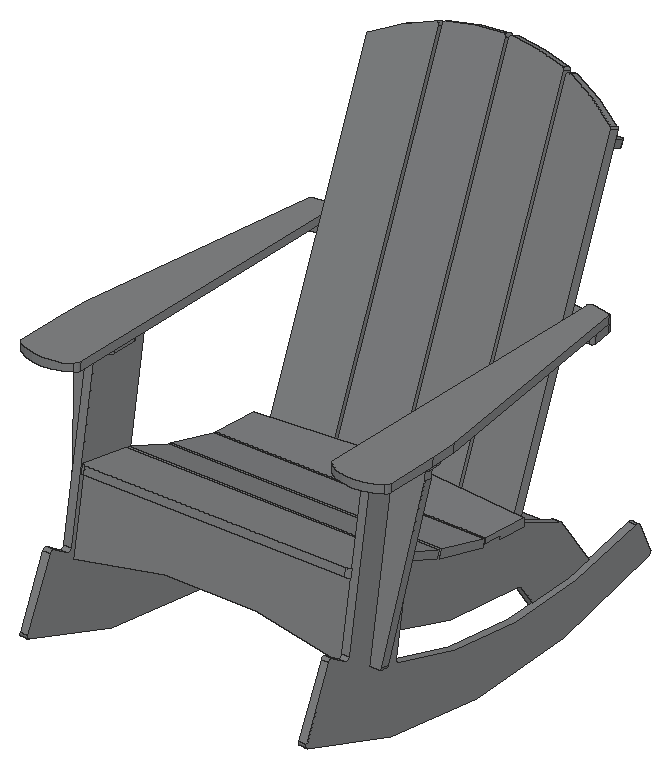
Revit family "Lollygagger Adirondack 4 Slat Curve Rocker", category Furniture, Revit 2016 (continued)
Automatic sketch dimensions
  Extrusion 16 sketch curve to Extrusion 16 sketch curve = 1/4"
  Extrusion 16 sketch curve to plane 8 = 0.22467"
  Extrusion 16 sketch curve to Extrusion 16 sketch curve = 1.05883"
  Extrusion 16 sketch curve to Extrusion 16 sketch curve = 1.05934"
  plane 3 "Center Left/Right" to Extrusion 17 sketch curve = 0.30134"
  Extrusion 17 sketch curve to Extrusion 17 sketch curve = 9/16"
  Extrusion 17 sketch curve to Extrusion 17 sketch curve = 0.38936"
  Extrusion 17 sketch curve to Extrusion 17 sketch curve = 0.99825"
  Extrusion 17 sketch curve to Extrusion 17 sketch curve = 0.00175"
  Extrusion 18 sketch curve to plane 12 = 5/8"
  Extrusion 18 sketch curve to Extrusion 18 sketch curve = 9/16"
  Extrusion 18 sketch curve to Extrusion 18 sketch curve = 0.37271"
  Extrusion 18 sketch curve to Extrusion 18 sketch curve = 0.99578"
  Extrusion 18 sketch curve to Extrusion 18 sketch curve = 0.00422"
  plane 13 to Extrusion 19 sketch curve = 5/8"
  Extrusion 19 sketch curve to Extrusion 19 sketch curve = 0.54504"
  Extrusion 19 sketch curve to Extrusion 19 sketch curve = 0.37271"
  Extrusion 19 sketch curve to Extrusion 19 sketch curve = 0.99578"
  Extrusion 19 sketch curve to Extrusion 19 sketch curve = 0.00422"
  level to Extrusion 20 sketch curve = 6.46778"
  Extrusion 20 sketch curve to Extrusion 20 sketch curve = 0.06765"
  Extrusion 20 sketch curve to Extrusion 20 sketch curve = 0.11548"
  Extrusion 20 sketch curve to Extrusion 20 sketch curve = 0.28701"
  Extrusion 20 sketch curve to Extrusion 20 sketch curve = 0.92388"
  Extrusion 20 sketch curve to Extrusion 20 sketch curve = 0.14365"
  Extrusion 20 sketch curve to Extrusion 20 sketch curve = 0.30032"
  Extrusion 20 sketch curve to plane 1 "Center Front/Back" = 5.86305"
  Extrusion 20 sketch curve to Extrusion 20 sketch curve = 0.76942"
  Extrusion 20 sketch curve to Extrusion 20 sketch curve = 0.02513"
  Extrusion 20 sketch curve to Extrusion 20 sketch curve = 0.34686"
  Extrusion 20 sketch curve to Extrusion 20 sketch curve = 0.69291"
  Extrusion 20 sketch curve to Extrusion 20 sketch curve = 0.04784"
  level to Extrusion 21 sketch curve = 6.46778"
  Extrusion 21 sketch curve to Extrusion 21 sketch curve = 0.06765"
  Extrusion 21 sketch curve to Extrusion 21 sketch curve = 0.11548"
  Extrusion 21 sketch curve to Extrusion 21 sketch curve = 0.28701"
  Extrusion 21 sketch curve to Extrusion 21 sketch curve = 0.92388"
  Extrusion 21 sketch curve to Extrusion 21 sketch curve = 0.14416"
  Extrusion 21 sketch curve to Extrusion 21 sketch curve = 0.30032"
  Extrusion 21 sketch curve to plane 1 "Center Front/Back" = 5.86305"
  Extrusion 21 sketch curve to Extrusion 21 sketch curve = 0.76891"
  Extrusion 21 sketch curve to Extrusion 21 sketch curve = 0.02513"
  Extrusion 21 sketch curve to Extrusion 21 sketch curve = 0.34545"
  Extrusion 21 sketch curve to Extrusion 21 sketch curve = 0.69291"
  Extrusion 21 sketch curve to Extrusion 21 sketch curve = 0.04784"
  Extrusion 22 sketch curve to Extrusion 22 sketch curve = 0.74337"
  Extrusion 22 sketch curve to Extrusion 22 sketch curve = 0.00279"
  Extrusion 22 sketch curve to Extrusion 22 sketch curve = 1"
  Extrusion 22 sketch curve to Extrusion 22 sketch curve = 0.3787"
  Extrusion 22 sketch curve to Extrusion 22 sketch curve = 9/16"
  Extrusion 23 sketch curve to plane 12 = 5/8"
  Extrusion 23 sketch curve to Extrusion 23 sketch curve = 9/16"
  Extrusion 23 sketch curve to Extrusion 23 sketch curve = 0.38002"
  Extrusion 23 sketch curve to Extrusion 23 sketch curve = 0.99972"
  Extrusion 23 sketch curve to Extrusion 23 sketch curve = 0.00028"
  plane 13 to Extrusion 24 sketch curve = 5/8"
  Extrusion 24 sketch curve to Extrusion 24 sketch curve = 0.52139"
  Extrusion 24 sketch curve to Extrusion 24 sketch curve = 0.38002"
  Extrusion 24 sketch curve to Extrusion 24 sketch curve = 1"
  Extrusion 24 sketch curve to Extrusion 24 sketch curve = 0.00028"
  plane 13 to Extrusion 25 sketch curve = 5/8"
  Extrusion 25 sketch curve to Extrusion 25 sketch curve = 0.99924"
  Extrusion 25 sketch curve to Extrusion 25 sketch curve = 0.00076"
  Extrusion 25 sketch curve to Extrusion 25 sketch curve = 0.5437"
  Extrusion 25 sketch curve to Extrusion 25 sketch curve = 0.37478"
  Extrusion 26 sketch curve to plane 12 = 5/8"
  Extrusion 26 sketch curve to Extrusion 26 sketch curve = 0.99924"
  Extrusion 26 sketch curve to Extrusion 26 sketch curve = 0.00076"
  Extrusion 26 sketch curve to Extrusion 26 sketch curve = 0.58481"
  Extrusion 26 sketch curve to Extrusion 26 sketch curve = 0.37478"
  plane 13 to Extrusion 27 sketch curve = 1.17249"
  Extrusion 27 sketch curve to Extrusion 27 sketch curve = 0.99994"
  Extrusion 27 sketch curve to Extrusion 27 sketch curve = 0.00006"
  Extrusion 27 sketch curve to Extrusion 27 sketch curve = 0.37466"
  Extrusion 27 sketch curve to Extrusion 27 sketch curve = 0.5437"
  Extrusion 28 sketch curve to plane 12 = 1.20602"
  Extrusion 28 sketch curve to Extrusion 28 sketch curve = 0.99994"
  Extrusion 28 sketch curve to Extrusion 28 sketch curve = 0.00006"
  Extrusion 28 sketch curve to Extrusion 28 sketch curve = 0.58102"
  Extrusion 28 sketch curve to Extrusion 28 sketch curve = 0.37466"
  Extrusion 29 sketch curve to plane 12 = 5/8"
  Extrusion 29 sketch curve to Extrusion 29 sketch curve = 1"
  Extrusion 29 sketch curve to Extrusion 29 sketch curve = 0.00028"
  Extrusion 29 sketch curve to Extrusion 29 sketch curve = 9/16"
  Extrusion 29 sketch curve to Extrusion 29 sketch curve = 0.3735"
  plane 13 to Extrusion 30 sketch curve = 5/8"
  Extrusion 30 sketch curve to Extrusion 30 sketch curve = 1"
  Extrusion 30 sketch curve to Extrusion 30 sketch curve = 0.00028"
  Extrusion 30 sketch curve to Extrusion 30 sketch curve = 0.52139"
  Extrusion 30 sketch curve to Extrusion 30 sketch curve = 0.3735"
  Masking region 2 sketch curve to plane 5 = 0"
  Masking region 2 sketch curve to plane 9 = 0"
  Masking region 2 sketch curve to plane 12 = 0"
  Masking region 2 sketch curve to plane 3 "Center Left/Right" = 0"
  Masking region 2 sketch curve to plane 13 = 0"
  Masking region 2 sketch curve to plane 8 = 0"
  Masking region 2 sketch curve to plane 4 = 0"
  Masking region 2 sketch curve to plane 7 = 0"
  Masking region 2 sketch curve to plane 5 = 1/2"
  Masking region 2 sketch curve to plane 5 = 1.17383"
  plane 9 to Masking region 2 sketch curve = 1.01565"
  Masking region 2 sketch curve to Masking region 2 sketch curve = 0.0041"  (x2)
  plane 9 to Masking region 2 sketch curve = 0.58201"
  Masking region 2 sketch curve to Masking region 2 sketch curve = 0.21222"
  Masking region 2 sketch curve to Masking region 2 sketch curve = 0.03534"  (x2)
  Masking region 2 sketch curve to plane 12 = 0.23659"
  Masking region 2 sketch curve to Masking region 2 sketch curve = 5/8"
  Masking region 2 sketch curve to Masking region 2 sketch curve = 0.50295"
  Masking region 2 sketch curve to plane 12 = 0.74188"  (x3)
  Masking region 2 sketch curve to plane 12 = 0.7575"
  Masking region 2 sketch curve to Masking region 2 sketch curve = 0.21882"
  Masking region 2 sketch curve to Masking region 2 sketch curve = 0.35133"  (x2)
  Masking region 2 sketch curve to Masking region 2 sketch curve = 0.45401"  (x2)
  Masking region 2 sketch curve to plane 6 = 0.75821"
  Masking region 2 sketch curve to Masking region 2 sketch curve = 0.21522"  (x2)
  Masking region 2 sketch curve to plane 6 = 0.11242"  (x2)
  Masking region 2 sketch curve to Masking region 2 sketch curve = 3.93889"
  Masking region 2 sketch curve to Masking region 2 sketch curve = 0.24479"
  Masking region 2 sketch curve to Masking region 2 sketch curve = 0"  (x7)
  Masking region 2 sketch curve to Masking region 2 sketch curve = 0.21955"  (x4)
  Masking region 2 sketch curve to plane 3 "Center Left/Right" = 0.32366"  (x3)
  Masking region 2 sketch curve to plane 3 "Center Left/Right" = 0.11562"  (x2)
  Masking region 2 sketch curve to plane 3 "Center Left/Right" = 0.00007"
  plane 3 "Center Left/Right" to Masking region 2 sketch curve = 0.00177"
  plane 3 "Center Left/Right" to Masking region 2 sketch curve = 0.11562"
  Masking region 2 sketch curve to Masking region 2 sketch curve = 0.11386"
  plane 3 "Center Left/Right" to Masking region 2 sketch curve = 0.32366"  (x3)
  Masking region 2 sketch curve to Masking region 2 sketch curve = 4.8356"
  Masking region 2 sketch curve to plane 6 = 2.23919"
  Masking region 2 sketch curve to plane 6 = 2.24826"
  Masking region 2 sketch curve to Masking region 2 sketch curve = 0.22902"
  Masking region 2 sketch curve to plane 6 = 0.56871"
  plane 13 to Masking region 2 sketch curve = 1.8621"
  Masking region 2 sketch curve to Masking region 2 sketch curve = 0.21655"
  plane 13 to Masking region 2 sketch curve = 0.97633"
  plane 13 to Masking region 2 sketch curve = 0.73954"
  Masking region 2 sketch curve to Masking region 2 sketch curve = 0.23678"
  plane 13 to Masking region 2 sketch curve = 0.71956"  (x3)
  plane 13 to Masking region 2 sketch curve = 0.23659"
  Masking region 2 sketch curve to plane 8 = 0.33444"
  Masking region 2 sketch curve to Masking region 2 sketch curve = 0.24757"
  Masking region 2 sketch curve to plane 8 = 1.01154"
  plane 4 to Masking region 2 sketch curve = 1.17376"
  plane 4 to Masking region 2 sketch curve = 0.49993"
  plane 14 to Masking region 2 sketch curve = 0.13555"  (x2)
  plane 14 to Masking region 2 sketch curve = 0.35805"  (x2)
  Masking region 2 sketch curve to Masking region 2 sketch curve = 0.65827"  (x2)
  Masking region 2 sketch curve to Masking region 2 sketch curve = 0.07777"  (x2)
  Masking region 2 sketch curve to Masking region 2 sketch curve = 0.96674"  (x2)
  Masking region 2 sketch curve to Masking region 2 sketch curve = 0.08355"  (x2)
  Masking region 2 sketch curve to Masking region 2 sketch curve = 0.25522"
  Masking region 2 sketch curve to Masking region 2 sketch curve = 0.25561"
  Masking region 2 sketch curve to Masking region 2 sketch curve = 2.56137"  (x2)
  Masking region 2 sketch curve to Masking region 2 sketch curve = 0.00332"  (x2)
  plane 14 to Masking region 2 sketch curve = 6.45463"
  Masking region 2 sketch curve to Masking region 2 sketch curve = 2.79096"
  Masking region 2 sketch curve to Masking region 2 sketch curve = 2.90619"  (x2)
  Masking region 2 sketch curve to Masking region 2 sketch curve = 0.12859"  (x2)
  plane 1 "Center Front/Back" to Masking region 2 sketch curve = 4.10169"
  Masking region 2 sketch curve to Masking region 2 sketch curve = 0.07727"  (x2)
  Masking region 2 sketch curve to plane 1 "Center Front/Back" = 0.44112"  (x2)
  Masking region 2 sketch curve to Masking region 2 sketch curve = 0.19742"  (x2)
  Masking region 2 sketch curve to plane 1 "Center Front/Back" = 1.89281"  (x2)
  Masking region 2 sketch curve to Masking region 2 sketch curve = 7.52091"
  Masking region 2 sketch curve to Masking region 2 sketch curve = 6.26665"
  Masking region 2 sketch curve to Masking region 2 sketch curve = 1.74099"
  Masking region 2 sketch curve to Masking region 2 sketch curve = 1.74355"
  Masking region 2 sketch curve to Masking region 2 sketch curve = 1/32"
  Masking region 2 sketch curve to Masking region 2 sketch curve = 0.03381"
  Masking region 2 sketch curve to Masking region 2 sketch curve = 2.46403"  (x2)
  Masking region 2 sketch curve to Masking region 2 sketch curve = 0.01062"  (x4)
  Masking region 2 sketch curve to Masking region 2 sketch curve = 2.70848"
  Masking region 2 sketch curve to Masking region 2 sketch curve = 0.00559"
  Masking region 2 sketch curve to Masking region 2 sketch curve = 1.71683"
  Masking region 2 sketch curve to Masking region 2 sketch curve = 1.71426"
  Masking region 2 sketch curve to Masking region 2 sketch curve = 0.03479"  (x2)
  Masking region 2 sketch curve to Masking region 2 sketch curve = 0.05058"
  Masking region 2 sketch curve to Masking region 2 sketch curve = 0.05281"
  Masking region 2 sketch curve to Masking region 2 sketch curve = 0.17851"
  Masking region 2 sketch curve to Masking region 2 sketch curve = 0.18074"
  Masking region 2 sketch curve to Masking region 2 sketch curve = 0.05017"  (x2)
  Masking region 2 sketch curve to Masking region 2 sketch curve = 0.4309"  (x2)
  Masking region 2 sketch curve to Masking region 2 sketch curve = 2.19012"
  Masking region 2 sketch curve to Masking region 2 sketch curve = 2.19088"
  Masking region 2 sketch curve to Masking region 2 sketch curve = 2.18435"
  Masking region 2 sketch curve to Masking region 2 sketch curve = 0.0002"
  Masking region 2 sketch curve to Masking region 2 sketch curve = 0.00564"
  Masking region 2 sketch curve to Masking region 2 sketch curve = 2.13828"
  Masking region 2 sketch curve to Masking region 2 sketch curve = 0.00907"
  Masking region 2 sketch curve to Masking region 2 sketch curve = 1.53662"
  Masking region 2 sketch curve to Masking region 2 sketch curve = 1.34713"
  Masking region 2 sketch curve to plane 6 = 2.07705"
  Masking region 2 sketch curve to Masking region 2 sketch curve = 0.00928"
  Masking region 2 sketch curve to Masking region 2 sketch curve = 0.21788"  (x2)
  Masking region 2 sketch curve to plane 6 = 0.79076"  (x2)
  Masking region 2 sketch curve to Masking region 2 sketch curve = 0.1895"
  plane 6 to Masking region 2 sketch curve = 0.11073"
  plane 5 to Masking region 2 sketch curve = 2.70949"
  Masking region 2 sketch curve to Masking region 2 sketch curve = 0.11165"  (x2)
  Masking region 2 sketch curve to Masking region 2 sketch curve = 0.13614"
  Masking region 2 sketch curve to Masking region 2 sketch curve = 0.04127"  (x2)
  Masking region 2 sketch curve to Masking region 2 sketch curve = 0.0038"  (x2)
  Masking region 2 sketch curve to plane 6 = 0.56718"
  Masking region 2 sketch curve to Masking region 2 sketch curve = 0.21327"
  Masking region 2 sketch curve to Masking region 2 sketch curve = 0.00023"
  Masking region 2 sketch curve to Masking region 2 sketch curve = 0.0327"
  Masking region 2 sketch curve to Masking region 2 sketch curve = 0.00597"  (x2)
  plane 3 "Center Left/Right" to Masking region 2 sketch curve = 0.00454"
  Masking region 2 sketch curve to Masking region 2 sketch curve = 0.02965"
  Masking region 2 sketch curve to Masking region 2 sketch curve = 0.24779"
  Masking region 2 sketch curve to plane 4 = 2.70956"
  Masking region 2 sketch curve to plane 7 = 2.61574"
  Masking region 2 sketch curve to Masking region 2 sketch curve = 0.07116"  (x2)
  Masking region 2 sketch curve to Masking region 2 sketch curve = 0.23118"
  Masking region 3 sketch curve to Masking region 3 sketch curve = 0"  (x5)
  Masking region 3 sketch curve to plane 11 = 0"
  Masking region 3 sketch curve to plane 7 = 0.00463"
  plane 7 to Masking region 3 sketch curve = 0.22194"
  Masking region 3 sketch curve to plane 14 = 1.03076"
  Masking region 3 sketch curve to Masking region 3 sketch curve = 29/128"  (x3)
  plane 14 to Masking region 3 sketch curve = 0.84924"
  Masking region 3 sketch curve to Masking region 3 sketch curve = 0.2462"  (x2)
  plane 14 to Masking region 3 sketch curve = 3.42445"
  Masking region 3 sketch curve to Masking region 3 sketch curve = 4.67927"
  Masking region 3 sketch curve to Masking region 3 sketch curve = 5.07709"
  Masking region 3 sketch curve to plane 1 "Center Front/Back" = 0.52052"
  Masking region 3 sketch curve to plane 1 "Center Front/Back" = 3.99488"
  Masking region 3 sketch curve to plane 6 = 7.57349"
  Masking region 3 sketch curve to Masking region 3 sketch curve = 3.26526"
  Masking region 3 sketch curve to plane 6 = 2.95713"
  Masking region 3 sketch curve to Masking region 3 sketch curve = 0.26136"
  Masking region 3 sketch curve to Masking region 3 sketch curve = 0.21535"
  Masking region 3 sketch curve to plane 6 = 2.10247"
  Masking region 3 sketch curve to Masking region 3 sketch curve = 0.96716"
  Masking region 3 sketch curve to Masking region 3 sketch curve = 0.42381"
  Masking region 3 sketch curve to Masking region 3 sketch curve = 0.21694"
  Masking region 3 sketch curve to plane 6 = 1.04076"
  level to Masking region 3 sketch curve = 9.25924"
  Masking region 3 sketch curve to Masking region 3 sketch curve = 0.10565"  (x4)
  Masking region 3 sketch curve to Masking region 3 sketch curve = 0.37333"
  Masking region 3 sketch curve to Masking region 3 sketch curve = 0.04341"  (x2)
  Masking region 3 sketch curve to Masking region 3 sketch curve = 2.25615"
  level to Masking region 3 sketch curve = 5.42473"
  level to Masking region 3 sketch curve = 4.32017"
  Masking region 3 sketch curve to Masking region 3 sketch curve = 2.27685"
  plane 10 to Masking region 3 sketch curve = 7.85306"
  Masking region 3 sketch curve to Masking region 3 sketch curve = 0.40061"
  Masking region 3 sketch curve to Masking region 3 sketch curve = 0.90684"
  Masking region 3 sketch curve to Masking region 3 sketch curve = 0.97412"
  Masking region 3 sketch curve to Masking region 3 sketch curve = 0.52373"
  Masking region 3 sketch curve to Masking region 3 sketch curve = 0.5199"
  Masking region 3 sketch curve to Masking region 3 sketch curve = 9.76981"
  Masking region 3 sketch curve to Masking region 3 sketch curve = 3.8856"
  Masking region 3 sketch curve to Masking region 3 sketch curve = 0.12085"
  Masking region 3 sketch curve to Masking region 3 sketch curve = 0.04123"
  Extrusion 31 sketch curve to plane 3 "Center Left/Right" = 0"
  Extrusion 31 sketch curve to plane 12 = 0"
  Extrusion 31 sketch curve to Extrusion 31 sketch curve = 55.16647"
  Extrusion 31 sketch curve to Extrusion 31 sketch curve = 3.8251"
  plane 13 to Extrusion 32 sketch curve = 5/8"
  Extrusion 32 sketch curve to Extrusion 32 sketch curve = 1/8"  (x2)
  Extrusion 32 sketch curve to plane 12 = 3/8"
  Extrusion 32 sketch curve to Extrusion 32 sketch curve = 2 13/16"
  Extrusion 33 sketch curve to Extrusion 33 sketch curve = 12.00098"
  Extrusion 33 sketch curve to Extrusion 33 sketch curve = 14.8324"
  Extrusion 33 sketch curve to Extrusion 33 sketch curve = 0.00557"
  Extrusion 33 sketch curve to Extrusion 33 sketch curve = 2.06423"
  Extrusion 33 sketch curve to Extrusion 33 sketch curve = 0.24994"
  Extrusion 33 sketch curve to Extrusion 33 sketch curve = 4 5/16"
  Extrusion 33 sketch curve to Extrusion 33 sketch curve = 4 13/16"
  Extrusion 33 sketch curve to Extrusion 33 sketch curve = 5.18744"
  Extrusion 33 sketch curve to Extrusion 33 sketch curve = 0"  (x3)
  Extrusion 34 sketch curve to Extrusion 34 sketch curve = 0.37701"
  Extrusion 34 sketch curve to Extrusion 34 sketch curve = 3/4"  (x2)
  Extrusion 34 sketch curve to Extrusion 34 sketch curve = 1/8"
  Extrusion 34 sketch curve to Extrusion 34 sketch curve = 1"
  Extrusion 34 sketch curve to Extrusion 34 sketch curve = 0.00654"
  Extrusion 35 sketch curve to Extrusion 35 sketch curve = 0.0541"
  Extrusion 35 sketch curve to Extrusion 35 sketch curve = 0.47091"
  Extrusion 35 sketch curve to Extrusion 35 sketch curve = 0.82638"
  Extrusion 35 sketch curve to Extrusion 35 sketch curve = 0.34871"
  Extrusion 35 sketch curve to Extrusion 35 sketch curve = 0.40281"
  Extrusion 35 sketch curve to Extrusion 35 sketch curve = 0.04733"
  Extrusion 35 sketch curve to Extrusion 35 sketch curve = 1.37299"
  Extrusion 35 sketch curve to Extrusion 35 sketch curve = 0.01352"  (x3)
  Extrusion 35 sketch curve to Extrusion 35 sketch curve = 1.35946"
  Extrusion 35 sketch curve to Extrusion 35 sketch curve = 0.24963"  (x2)
  Extrusion 35 sketch curve to Extrusion 35 sketch curve = 0.07438"
  Extrusion 35 sketch curve to Extrusion 35 sketch curve = 0.23611"
  Extrusion 35 sketch curve to Extrusion 35 sketch curve = 0.87372"
  Extrusion 35 sketch curve to Extrusion 35 sketch curve = 0.52257"
  Extrusion 35 sketch curve to Extrusion 35 sketch curve = 0.47597"
  Extrusion 35 sketch curve to Extrusion 35 sketch curve = 0.5233"
  Extrusion 35 sketch curve to Extrusion 35 sketch curve = 0.33754"
  Extrusion 36 sketch curve to Extrusion 36 sketch curve = 12.00098"
  Extrusion 36 sketch curve to Extrusion 36 sketch curve = 14.8324"
  Extrusion 36 sketch curve to Extrusion 36 sketch curve = 0.00557"
  Extrusion 36 sketch curve to Extrusion 36 sketch curve = 2.06423"
  Extrusion 36 sketch curve to Extrusion 36 sketch curve = 5.18744"
  Extrusion 36 sketch curve to Extrusion 36 sketch curve = 0.25006"
  Extrusion 36 sketch curve to Extrusion 36 sketch curve = 4 5/16"
  Extrusion 36 sketch curve to Extrusion 36 sketch curve = 0.24994"
  Extrusion 36 sketch curve to Extrusion 36 sketch curve = 0"  (x3)
  Extrusion 37 sketch curve to Extrusion 37 sketch curve = 0.37701"
  Extrusion 37 sketch curve to Extrusion 37 sketch curve = 3/4"  (x2)
  Extrusion 37 sketch curve to Extrusion 37 sketch curve = 1/8"
  Extrusion 37 sketch curve to Extrusion 37 sketch curve = 0.99346"
  Extrusion 37 sketch curve to Extrusion 37 sketch curve = 0.00654"
  Extrusion 38 sketch curve to Extrusion 38 sketch curve = 0.0541"
  Extrusion 38 sketch curve to Extrusion 38 sketch curve = 0.47091"
  Extrusion 38 sketch curve to Extrusion 38 sketch curve = 0.82638"  (x2)
  Extrusion 38 sketch curve to Extrusion 38 sketch curve = 0.34871"
  Extrusion 38 sketch curve to Extrusion 38 sketch curve = 0.40281"
  Extrusion 38 sketch curve to Extrusion 38 sketch curve = 0.04733"
  Extrusion 38 sketch curve to Extrusion 38 sketch curve = 1.37299"
  Extrusion 38 sketch curve to Extrusion 38 sketch curve = 0.01352"  (x3)
  Extrusion 38 sketch curve to Extrusion 38 sketch curve = 1.35946"
  Extrusion 38 sketch curve to Extrusion 38 sketch curve = 0.24963"  (x3)
  Extrusion 38 sketch curve to Extrusion 38 sketch curve = 0.07438"
  Extrusion 38 sketch curve to Extrusion 38 sketch curve = 0.47597"
  Extrusion 38 sketch curve to Extrusion 38 sketch curve = 0.47523"
  Extrusion 38 sketch curve to Extrusion 38 sketch curve = 0.52257"
  Extrusion 38 sketch curve to Extrusion 38 sketch curve = 0.17525"
  Extrusion 39 sketch curve to Extrusion 39 sketch curve = 0.24942"
  Extrusion 39 sketch curve to Extrusion 39 sketch curve = 4.3254"
  Extrusion 39 sketch curve to Extrusion 39 sketch curve = 0.24601"
  Extrusion 39 sketch curve to Extrusion 39 sketch curve = 0.11047"
  Extrusion 39 sketch curve to Extrusion 39 sketch curve = 12.0008"
  Extrusion 39 sketch curve to Extrusion 39 sketch curve = 17.12045"
  Extrusion 39 sketch curve to Extrusion 39 sketch curve = 0.00307"
  Extrusion 39 sketch curve to Extrusion 39 sketch curve = 0.62853"
  Extrusion 40 sketch curve to Extrusion 40 sketch curve = 1/8"  (x2)
  Extrusion 40 sketch curve to Extrusion 40 sketch curve = 0.9979"
  Extrusion 40 sketch curve to Extrusion 40 sketch curve = 0.0021"
  Extrusion 40 sketch curve to Extrusion 40 sketch curve = 0.37493"
  Extrusion 40 sketch curve to Extrusion 40 sketch curve = 3/4"
  Extrusion 41 sketch curve to Extrusion 41 sketch curve = 0.02541"
  Extrusion 41 sketch curve to Extrusion 41 sketch curve = 0.24534"
  Extrusion 41 sketch curve to Extrusion 41 sketch curve = 0.00462"  (x4)
  Extrusion 41 sketch curve to Extrusion 41 sketch curve = 0.87485"  (x2)
  Extrusion 41 sketch curve to Extrusion 41 sketch curve = 0.01617"
  Extrusion 41 sketch curve to Extrusion 41 sketch curve = 0.50618"
  Extrusion 41 sketch curve to Extrusion 41 sketch curve = 0.49365"
  Extrusion 41 sketch curve to Extrusion 41 sketch curve = 0.50982"
  Extrusion 41 sketch curve to Extrusion 41 sketch curve = 0.59486"
  Extrusion 41 sketch curve to Extrusion 41 sketch curve = 0.24996"
  Extrusion 41 sketch curve to Extrusion 41 sketch curve = 0.01848"
  Extrusion 41 sketch curve to Extrusion 41 sketch curve = 0.50727"
  Extrusion 41 sketch curve to Extrusion 41 sketch curve = 0.85868"
  Extrusion 41 sketch curve to Extrusion 41 sketch curve = 0.38606"
  Extrusion 41 sketch curve to Extrusion 41 sketch curve = 1.37477"
  Extrusion 41 sketch curve to Extrusion 41 sketch curve = 1.37014"
  Extrusion 42 sketch curve to Extrusion 42 sketch curve = 0.24942"
  Extrusion 42 sketch curve to Extrusion 42 sketch curve = 4.3254"
  Extrusion 42 sketch curve to Extrusion 42 sketch curve = 0.24601"
  Extrusion 42 sketch curve to Extrusion 42 sketch curve = 0.11047"
  Extrusion 42 sketch curve to Extrusion 42 sketch curve = 0.62546"
  Extrusion 42 sketch curve to Extrusion 42 sketch curve = 0.00307"
  Extrusion 42 sketch curve to Extrusion 42 sketch curve = 17.12045"
  Extrusion 42 sketch curve to Extrusion 42 sketch curve = 12.0008"
  Extrusion 43 sketch curve to Extrusion 43 sketch curve = 1/8"  (x2)
  Extrusion 43 sketch curve to Extrusion 43 sketch curve = 0.9979"
  Extrusion 43 sketch curve to Extrusion 43 sketch curve = 0.0021"
  Extrusion 43 sketch curve to Extrusion 43 sketch curve = 3/4"
  Extrusion 43 sketch curve to Extrusion 43 sketch curve = 0.37493"
  Extrusion 44 sketch curve to Extrusion 44 sketch curve = 0.02541"
  Extrusion 44 sketch curve to Extrusion 44 sketch curve = 0.24534"  (x2)
  Extrusion 44 sketch curve to Extrusion 44 sketch curve = 0.24996"  (x3)
  Extrusion 44 sketch curve to Extrusion 44 sketch curve = 0.87485"  (x2)
  Extrusion 44 sketch curve to Extrusion 44 sketch curve = 0.01617"  (x3)
  Extrusion 44 sketch curve to Extrusion 44 sketch curve = 0.50618"
  Extrusion 44 sketch curve to Extrusion 44 sketch curve = 0.49365"
  Extrusion 44 sketch curve to Extrusion 44 sketch curve = 0.50982"
  Extrusion 44 sketch curve to Extrusion 44 sketch curve = 0.59486"
  Extrusion 44 sketch curve to Extrusion 44 sketch curve = 0.00462"
  Extrusion 44 sketch curve to Extrusion 44 sketch curve = 0.04158"
  Extrusion 44 sketch curve to Extrusion 44 sketch curve = 1.37477"
  Extrusion 44 sketch curve to Extrusion 44 sketch curve = 0.01848"
  Extrusion 44 sketch curve to Extrusion 44 sketch curve = 0.36758"
  Masking region 4 sketch curve to Masking region 4 sketch curve = 0"  (x2)
  Masking region 4 sketch curve to plane 10 = 0"  (x2)
  plane 14 to Masking region 4 sketch curve = 1.8248"
  Masking region 4 sketch curve to Masking region 4 sketch curve = 0.10708"
  Masking region 4 sketch curve to Masking region 4 sketch curve = 0.17887"
  Masking region 4 sketch curve to Masking region 4 sketch curve = 0.18032"
  plane 14 to Masking region 4 sketch curve = 6.06975"
  Masking region 4 sketch curve to Masking region 4 sketch curve = 4.91171"
  Masking region 4 sketch curve to Masking region 4 sketch curve = 3.77596"
  Masking region 4 sketch curve to Masking region 4 sketch curve = 0.13316"
  Masking region 4 sketch curve to Masking region 4 sketch curve = 0.15904"
  Masking region 4 sketch curve to Masking region 4 sketch curve = 0.15088"  (x2)
  Masking region 4 sketch curve to Masking region 4 sketch curve = 0.23636"
  Masking region 4 sketch curve to plane 1 "Center Front/Back" = 0.32976"
  Masking region 4 sketch curve to Masking region 4 sketch curve = 0.11136"
  Masking region 4 sketch curve to Masking region 4 sketch curve = 0.16892"
  Masking region 4 sketch curve to Masking region 4 sketch curve = 0.23543"
  Masking region 4 sketch curve to plane 1 "Center Front/Back" = 3.99488"
  Masking region 4 sketch curve to plane 1 "Center Front/Back" = 4 7/256"
  Masking region 4 sketch curve to Masking region 4 sketch curve = 0.20479"
  Masking region 4 sketch curve to Masking region 4 sketch curve = 4.31192"
  Masking region 4 sketch curve to Masking region 4 sketch curve = 1.21882"
  Masking region 4 sketch curve to Masking region 4 sketch curve = 1.16755"
  Masking region 4 sketch curve to Masking region 4 sketch curve = 1.92378"
  Masking region 4 sketch curve to Masking region 4 sketch curve = 0.09567"
  Masking region 4 sketch curve to Masking region 4 sketch curve = 0.10912"
  Masking region 4 sketch curve to plane 6 = 7.66441"
  Masking region 4 sketch curve to Masking region 4 sketch curve = 0.09092"
  Masking region 4 sketch curve to Masking region 4 sketch curve = 43/256"
  Masking region 4 sketch curve to Masking region 4 sketch curve = 0.61674"
  Masking region 4 sketch curve to Masking region 4 sketch curve = 0.14549"
  Masking region 4 sketch curve to plane 15 = 1.42014"
  Masking region 4 sketch curve to Masking region 4 sketch curve = 0.11116"
  Masking region 4 sketch curve to Masking region 4 sketch curve = 0.27939"
  Masking region 4 sketch curve to Masking region 4 sketch curve = 0.04829"
  Masking region 4 sketch curve to Masking region 4 sketch curve = 2.82215"
  Masking region 4 sketch curve to plane 15 = 0.72733"
  Masking region 4 sketch curve to Masking region 4 sketch curve = 0.37638"
  Masking region 4 sketch curve to Masking region 4 sketch curve = 1.603"
  Masking region 4 sketch curve to Masking region 4 sketch curve = 0.30057"
  Masking region 4 sketch curve to Masking region 4 sketch curve = 0.50481"
  Masking region 4 sketch curve to plane 6 = 2.95713"
  Masking region 4 sketch curve to Masking region 4 sketch curve = 0.26136"
  Masking region 4 sketch curve to Masking region 4 sketch curve = 0.01798"
  Masking region 4 sketch curve to Masking region 4 sketch curve = 0.21535"
  Masking region 4 sketch curve to Masking region 4 sketch curve = 0.48942"
  Masking region 4 sketch curve to Masking region 4 sketch curve = 0.85077"
  Masking region 4 sketch curve to plane 6 = 1.20141"
  Masking region 4 sketch curve to plane 6 = 0.19553"
  Masking region 4 sketch curve to plane 6 = 0.12648"
  Masking region 4 sketch curve to plane 6 = 0.11017"
  plane 6 to Masking region 4 sketch curve = 0.11073"
  Masking region 4 sketch curve to Masking region 4 sketch curve = 0.11573"
  Masking region 4 sketch curve to Masking region 4 sketch curve = 0.1164"
  Masking region 4 sketch curve to plane 15 = 6.7858"
  Masking region 4 sketch curve to Masking region 4 sketch curve = 0.03136"
  Masking region 4 sketch curve to Masking region 4 sketch curve = 0.93794"
  Masking region 4 sketch curve to Masking region 4 sketch curve = 1.53546"
  Masking region 4 sketch curve to Masking region 4 sketch curve = 0.07615"
  Masking region 4 sketch curve to Masking region 4 sketch curve = 0.01385"  (x2)
  Masking region 4 sketch curve to Masking region 4 sketch curve = 1.05126"
  Masking region 4 sketch curve to Masking region 4 sketch curve = 0.83648"
  Masking region 4 sketch curve to Masking region 4 sketch curve = 0.08758"
  Masking region 4 sketch curve to Masking region 4 sketch curve = 5.41125"
  Masking region 4 sketch curve to Masking region 4 sketch curve = 3.8538"
  Masking region 4 sketch curve to Masking region 4 sketch curve = 0.14339"
  level to Masking region 4 sketch curve = 4 35/64"
  Masking region 4 sketch curve to Masking region 4 sketch curve = 1.74065"
  plane 10 to Masking region 4 sketch curve = 8.05094"
  Masking region 4 sketch curve to Masking region 4 sketch curve = 0.20273"
  Masking region 4 sketch curve to Masking region 4 sketch curve = 0.73106"
  Masking region 4 sketch curve to Masking region 4 sketch curve = 0.97412"
  Masking region 4 sketch curve to Masking region 4 sketch curve = 0.57823"
  Masking region 4 sketch curve to Masking region 4 sketch curve = 1.66607"
  Masking region 4 sketch curve to Masking region 4 sketch curve = 1.88723"
  Masking region 4 sketch curve to Masking region 4 sketch curve = 0.23549"
  Masking region 4 sketch curve to Masking region 4 sketch curve = 0.23524"
  Masking region 4 sketch curve to Masking region 4 sketch curve = 0.60318"
  Masking region 4 sketch curve to Masking region 4 sketch curve = 0.19082"
  Masking region 4 sketch curve to Masking region 4 sketch curve = 0.48659"
  plane 15 to Masking region 4 sketch curve = 0.08143"
  Masking region 4 sketch curve to Masking region 4 sketch curve = 0.04226"
  plane 15 to Masking region 4 sketch curve = 0.08107"
  Masking region 4 sketch curve to Masking region 4 sketch curve = 0.02807"
  Masking region 4 sketch curve to Masking region 4 sketch curve = 0.09142"
  Masking region 4 sketch curve to Masking region 4 sketch curve = 0.03232"
  Masking region 4 sketch curve to Masking region 4 sketch curve = 0.13721"
  Masking region 4 sketch curve to Masking region 4 sketch curve = 0.05539"
  Masking region 4 sketch curve to Masking region 4 sketch curve = 0.00003"
  Masking region 4 sketch curve to Masking region 4 sketch curve = 0.00011"
  Masking region 4 sketch curve to Masking region 4 sketch curve = 0.00018"
  Masking region 4 sketch curve to Masking region 4 sketch curve = 0.08954"
  Masking region 4 sketch curve to Masking region 4 sketch curve = 0.00609"
  Masking region 4 sketch curve to Masking region 4 sketch curve = 0.56202"
  Masking region 4 sketch curve to Masking region 4 sketch curve = 0.00026"  (x2)
  Masking region 4 sketch curve to Masking region 4 sketch curve = 0.1491"
  Masking region 4 sketch curve to Masking region 4 sketch curve = 0.00876"
  Masking region 4 sketch curve to Masking region 4 sketch curve = 0.17061"
  Masking region 4 sketch curve to Masking region 4 sketch curve = 0.01766"
  Masking region 4 sketch curve to Masking region 4 sketch curve = 0.2237"
  Masking region 4 sketch curve to Masking region 4 sketch curve = 0.02849"
  Masking region 4 sketch curve to Masking region 4 sketch curve = 0.00063"
  Extrusion 45 sketch curve to plane 4 = 0"
  plane 13 to Extrusion 45 sketch curve = 0.45413"
  Extrusion 45 sketch curve to plane 6 = 5.3025"
  Extrusion 45 sketch curve to plane 8 = 0.36027"
  Extrusion 45 sketch curve to Extrusion 45 sketch curve = 0.20556"
  Extrusion 45 sketch curve to Extrusion 45 sketch curve = 0.24749"  (x2)
  plane 14 to Extrusion 45 sketch curve = 5.307"
  Extrusion 45 sketch curve to plane 8 = 1"
  Extrusion 45 sketch curve to Extrusion 45 sketch curve = 1.55707"
  plane 14 to Extrusion 45 sketch curve = 1.09533"
  plane 14 to Extrusion 45 sketch curve = 1.08793"
  Extrusion 45 sketch curve to plane 7 = 6.214"
  Extrusion 45 sketch curve to Extrusion 45 sketch curve = 0.03534"  (x2)
  Extrusion 45 sketch curve to plane 12 = 1"
  plane 5 to Extrusion 45 sketch curve = 160.66086"
  plane 13 to Extrusion 45 sketch curve = 0.23948"
  plane 4 to Extrusion 45 sketch curve = 1/2"
  Extrusion 45 sketch curve to Extrusion 45 sketch curve = 0"  (x2)
  Extrusion 46 sketch curve to plane 5 = 0"
  Extrusion 46 sketch curve to plane 12 = 0.45413"
  Extrusion 46 sketch curve to plane 6 = 5.3025"
  plane 9 to Extrusion 46 sketch curve = 0.36027"
  Extrusion 46 sketch curve to Extrusion 46 sketch curve = 0.20556"
  Extrusion 46 sketch curve to Extrusion 46 sketch curve = 0.24749"  (x2)
  plane 14 to Extrusion 46 sketch curve = 5.307"
  plane 9 to Extrusion 46 sketch curve = 1"
  Extrusion 46 sketch curve to Extrusion 46 sketch curve = 1.55707"
  plane 14 to Extrusion 46 sketch curve = 1.09533"
  plane 14 to Extrusion 46 sketch curve = 1.08793"
  Extrusion 46 sketch curve to plane 7 = 6.214"
  Extrusion 46 sketch curve to plane 5 = 1/2"
  Extrusion 46 sketch curve to Extrusion 46 sketch curve = 0.03534"  (x2)
  Extrusion 46 sketch curve to plane 12 = 0.23948"
  plane 13 to Extrusion 46 sketch curve = 1"
  Extrusion 46 sketch curve to plane 4 = 160.66086"
  Extrusion 46 sketch curve to Extrusion 46 sketch curve = 0"  (x2)
  radius of Extrusion 13 sketch curve = 0.15505"
  radius of Extrusion 14 sketch curve = 0.15505"
  radius of Extrusion 17 sketch curve = 0.15472"
  radius of Extrusion 18 sketch curve = 0.15472"
  radius of Extrusion 19 sketch curve = 0.15472"
  radius of Extrusion 20 sketch curve = 0.15501"
  radius of Extrusion 21 sketch curve = 0.15501"
  radius of Extrusion 22 sketch curve = 0.15386"
  radius of Extrusion 23 sketch curve = 0.15521"
  radius of Extrusion 24 sketch curve = 0.15521"
  radius of Extrusion 25 sketch curve = 0.15471"
  radius of Extrusion 26 sketch curve = 0.15471"
  radius of Extrusion 27 sketch curve = 0.15572"
  radius of Extrusion 28 sketch curve = 0.15572"
  radius of Extrusion 29 sketch curve = 0.15482"
  radius of Extrusion 30 sketch curve = 0.15482"
  radius of Extrusion 34 sketch curve = 0.15441"
  radius of Extrusion 35 sketch curve = 0.14956"
  radius of Extrusion 37 sketch curve = 0.15441"
  radius of Extrusion 38 sketch curve = 0.14956"
  radius of Extrusion 40 sketch curve = 0.15536"
  radius of Extrusion 41 sketch curve = 0.14964"
  radius of Extrusion 43 sketch curve = 0.15536"
  radius of Extrusion 44 sketch curve = 0.14964"
Types (11): name | Finish Material
  Loll-Black | Loll-Black
  Loll-Sunset | Loll-Sunset
  Loll-Chocolate | Loll-Chocolate
  Loll-Sky | Loll-Sky
  Loll-Apple | Loll-Apple
  Loll-Leaf | Loll-Leaf
  Loll-Evergreen | Loll-Evergreen
  Loll-Charcoal | Loll-Charcoal
  Loll-Sand | Loll-Sand
  Loll-Navy Blue | Loll-Navy Blue
  Loll-White | Loll-White
